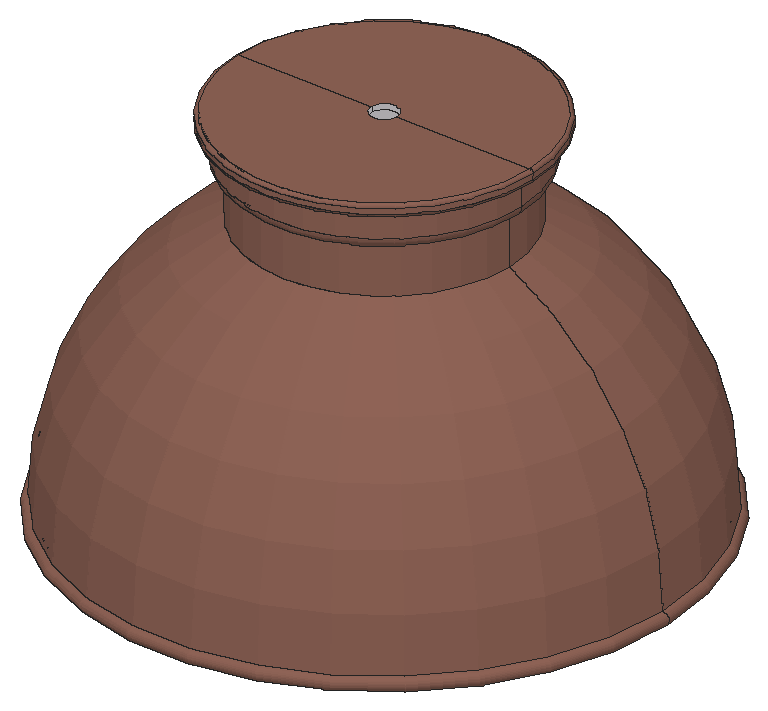
Revit family "SGF11 SHADE", category Lighting Fixtures, Revit 2024
Family settings
  Round Connector Dimension = Use Diameter
  Part Type = Normal
  OmniClass Number = 23.80.70.00
  OmniClass Title = Lighting
  Work Plane-Based = No
  Always vertical = Yes
  Cut with Voids When Loaded = No
  Light Source = Yes
  Maintain Annotation Orientation = No
  Shared = No
  Room Calculation Point = No
Parameters
  Wattage = 12.1178 W
  built-in parameter 1150110 = 1 (stored number, unit not read)
  built-in parameter 1114217 = 1 (stored number, unit not read)
  built-in parameter 1150109 = 1 (stored number, unit not read)
  built-in parameter 1150134 = (empty or 0)
  built-in parameter 1150113 = 1 (stored number, unit not read)
  Lumens = 1800 lm
  built-in parameter 1150115 = 1 (stored number, unit not read)
  built-in parameter 1150105 = 572.96 (stored number, unit not read)
  Light Source Symbol Size = 2' - 0"
  built-in parameter 1150137 = (empty or 0)
  built-in parameter 1150139 = (empty or 0)
  built-in parameter 1150112 = 1 (stored number, unit not read)
  built-in parameter 1150114 = 1 (stored number, unit not read)
  built-in parameter 1150132 = 2
  built-in parameter 1150102 = (empty or 0)
  built-in parameter 1150138 = (empty or 0)
  built-in parameter 1150107 = 3000 (stored number, unit not read)
  built-in parameter 1150106 = 5.7296 (stored number, unit not read)
  built-in parameter 1150104 = 13.8 (stored number, unit not read)
  Dimming Lamp Color Temperature Shift = (empty or 0)
  Default Elevation = 0' - 0"
  Color Filter = 16777215
  built-in parameter 1114218 = 1 (stored number, unit not read)
  built-in parameter 1150133 = 10 (stored number, unit not read)
Reference planes (in)
  plane 1 "Light Source Axis (F/B)": y = 0
  plane 2: z = 0
  plane 3 "Light Source Axis (L/R)": x = 0
  plane 4 "Light Source Elevation": z = 54
Forms (in)
  Revolve 1, solid
    sketch origin (0, 0, 0) x (1, 0, 0) y (0, 0, 1)
      loop
        arc (-5.37928, 54.24993) -> (-5.42155, 54.00899) -> (-5.28556, 54.21232) r 0.125
        line (-5.28556, 54.21232) -> (-5.28556, 54.25205)
        arc (-5.28556, 54.25205) -> (-4.51893, 57.11599) -> (-2.33125, 59.11696) r 5.28691
        line (-2.33125, 59.11696) -> (-2.33125, 60.08907) -> (-2.43672, 60.18208)
        arc (-2.43672, 60.18208) -> (-2.52028, 60.20781) -> (-2.55625, 60.2875) r 0.10625
        line (-2.55625, 60.2875) -> (-2.55625, 60.86562) -> (-2.78125, 60.86562) -> (-2.78125, 60.90625) -> (-0.25, 60.90625) -> (-0.25, 61) -> (-2.8125, 61)
        arc (-2.8125, 61) -> (-2.85669, 60.98169) -> (-2.875, 60.9375) r 0.0625
        line (-2.875, 60.9375) -> (-2.875, 60.83437)
        arc (-2.875, 60.83437) -> (-2.85669, 60.79018) -> (-2.8125, 60.77187) r 0.0625
        line (-2.8125, 60.77187) -> (-2.65, 60.77187) -> (-2.65, 60.2875)
        arc (-2.65, 60.2875) -> (-2.58229, 60.1375) -> (-2.425, 60.08907) r 0.2
        line (-2.425, 60.08907) -> (-2.425, 59.175)
        arc (-2.425, 59.175) -> (-4.61419, 57.13959) -> (-5.37928, 54.24993) r 5.38066
      axis (0, 61) -> (0, 54.21232)
    angle from 0 to 360
Dimensions and locks (in)
  aligned and locked: plane 3 "Light Source Axis (L/R)" to imposter light
  aligned and locked: plane 1 "Light Source Axis (F/B)" to imposter light
  aligned and locked: plane 4 "Light Source Elevation" to imposter light
  aligned and locked: level to plane 2
